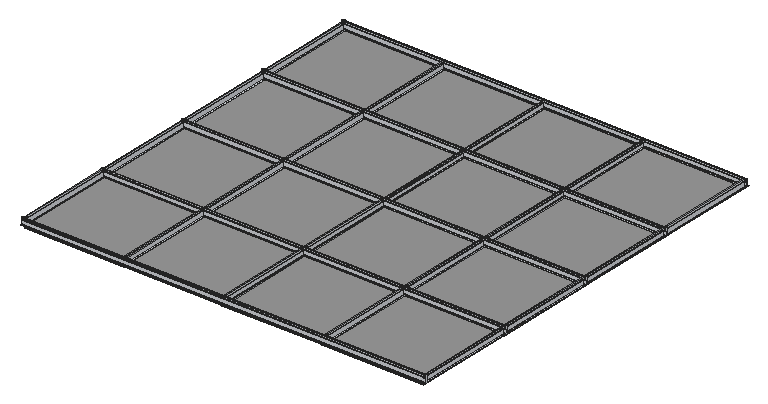
Revit family "GRD-TLE-001_RFA", category Modelos genéricos, Revit 2022 (continued)
Forms (in)
  Extrusion 248, solid, not visible
    sketch origin (0, 48, 0) x (1, 0, 0) y (0, 1, 0)
      loop
        line (24.34376, 0.56617) -> (24.34376, 24.31617) -> (0.59376, 24.31617) -> (0.59376, 0.56617) -> (24.34376, 0.56617)
    from 0.11811 to 0.59055
  Extrusion 249, solid, not visible
    sketch origin (0, 48, 0) x (1, 0, 0) y (0, 1, 0)
      loop
        line (24.34376, 0.56617) -> (24.34376, 24.31617) -> (0.59376, 24.31617) -> (0.59376, 0.56617) -> (24.34376, 0.56617)
    from 0 to 0.11811
  Extrusion 250, solid, not visible
    sketch origin (24, 48, 0) x (1, 0, 0) y (0, 1, 0)
      loop
        line (24.34376, 0.56617) -> (24.34376, 24.31617) -> (0.59376, 24.31617) -> (0.59376, 0.56617) -> (24.34376, 0.56617)
    from 0.11811 to 0.59055
  Extrusion 251, solid, not visible
    sketch origin (24, 48, 0) x (1, 0, 0) y (0, 1, 0)
      loop
        line (24.34376, 0.56617) -> (24.34376, 24.31617) -> (0.59376, 24.31617) -> (0.59376, 0.56617) -> (24.34376, 0.56617)
    from 0 to 0.11811
  Extrusion 252, solid, not visible
    sketch origin (48, 48, 0) x (1, 0, 0) y (0, 1, 0)
      loop
        line (24.34376, 0.56617) -> (24.34376, 24.31617) -> (0.59376, 24.31617) -> (0.59376, 0.56617) -> (24.34376, 0.56617)
    from 0.11811 to 0.59055
  Extrusion 253, solid, not visible
    sketch origin (48, 48, 0) x (1, 0, 0) y (0, 1, 0)
      loop
        line (24.34376, 0.56617) -> (24.34376, 24.31617) -> (0.59376, 24.31617) -> (0.59376, 0.56617) -> (24.34376, 0.56617)
    from 0 to 0.11811
  Extrusion 254, solid, not visible
    sketch origin (72, 48, 0) x (1, 0, 0) y (0, 1, 0)
      loop
        line (24.34376, 0.56617) -> (24.34376, 24.31617) -> (0.59376, 24.31617) -> (0.59376, 0.56617) -> (24.34376, 0.56617)
    from 0.11811 to 0.59055
  Extrusion 255, solid, not visible
    sketch origin (72, 48, 0) x (1, 0, 0) y (0, 1, 0)
      loop
        line (24.34376, 0.56617) -> (24.34376, 24.31617) -> (0.59376, 24.31617) -> (0.59376, 0.56617) -> (24.34376, 0.56617)
    from 0 to 0.11811
  Extrusion 256, solid, not visible
    sketch origin (0, 72, 0) x (1, 0, 0) y (0, 1, 0)
      loop
        line (24.34376, 0.56617) -> (24.34376, 24.31617) -> (0.59376, 24.31617) -> (0.59376, 0.56617) -> (24.34376, 0.56617)
    from 0.11811 to 0.59055
  Extrusion 257, solid, not visible
    sketch origin (0, 72, 0) x (1, 0, 0) y (0, 1, 0)
      loop
        line (24.34376, 0.56617) -> (24.34376, 24.31617) -> (0.59376, 24.31617) -> (0.59376, 0.56617) -> (24.34376, 0.56617)
    from 0 to 0.11811
  Extrusion 258, solid, not visible
    sketch origin (24, 72, 0) x (1, 0, 0) y (0, 1, 0)
      loop
        line (24.34376, 0.56617) -> (24.34376, 24.31617) -> (0.59376, 24.31617) -> (0.59376, 0.56617) -> (24.34376, 0.56617)
    from 0.11811 to 0.59055
  Extrusion 259, solid, not visible
    sketch origin (24, 72, 0) x (1, 0, 0) y (0, 1, 0)
      loop
        line (24.34376, 0.56617) -> (24.34376, 24.31617) -> (0.59376, 24.31617) -> (0.59376, 0.56617) -> (24.34376, 0.56617)
    from 0 to 0.11811
  Extrusion 260, solid, not visible
    sketch origin (48, 72, 0) x (1, 0, 0) y (0, 1, 0)
      loop
        line (24.34376, 0.56617) -> (24.34376, 24.31617) -> (0.59376, 24.31617) -> (0.59376, 0.56617) -> (24.34376, 0.56617)
    from 0.11811 to 0.59055
  Extrusion 261, solid, not visible
    sketch origin (48, 72, 0) x (1, 0, 0) y (0, 1, 0)
      loop
        line (24.34376, 0.56617) -> (24.34376, 24.31617) -> (0.59376, 24.31617) -> (0.59376, 0.56617) -> (24.34376, 0.56617)
    from 0 to 0.11811
  Extrusion 262, solid, not visible
    sketch origin (72, 72, 0) x (1, 0, 0) y (0, 1, 0)
      loop
        line (24.34376, 0.56617) -> (24.34376, 24.31617) -> (0.59376, 24.31617) -> (0.59376, 0.56617) -> (24.34376, 0.56617)
    from 0.11811 to 0.59055
  Extrusion 263, solid, not visible
    sketch origin (72, 72, 0) x (1, 0, 0) y (0, 1, 0)
      loop
        line (24.34376, 0.56617) -> (24.34376, 24.31617) -> (0.59376, 24.31617) -> (0.59376, 0.56617) -> (24.34376, 0.56617)
    from 0 to 0.11811
  Extrusion 264, solid, not visible
    sketch origin (0, 0, 0) x (0, 1, 0) y (0, 0, 1)
      loop
        line (0.42221, 1.66259) -> (0.42231, 0.67354)
        arc (0.42231, 0.67354) -> (0.41009, 0.64403) -> (0.38057, 0.6318) r 0.04174
        line (0.38057, 0.6318) -> (-0.00639, 0.6318) -> (-0.00639, 0.59057) -> (0.8874, 0.59057) -> (0.8874, 0.6318) -> (0.49998, 0.6318)
        arc (0.49998, 0.6318) -> (0.47046, 0.64403) -> (0.45824, 0.67354) r 0.04174
        line (0.45824, 0.67354) -> (0.45834, 1.66259)
        arc (0.45834, 1.66259) -> (0.46543, 1.67969) -> (0.48252, 1.68677) r 0.02418
        line (0.48252, 1.68677) -> (0.52252, 1.68677)
        arc (0.52252, 1.68677) -> (0.55303, 1.69941) -> (0.56566, 1.72991) r 0.04314
        line (0.56566, 1.72991) -> (0.56566, 2.14095)
        arc (0.56566, 2.14095) -> (0.5626, 2.15637) -> (0.55386, 2.16944) r 0.04029
        line (0.55386, 2.16944) -> (0.47053, 2.25277)
        arc (0.47053, 2.25277) -> (0.44027, 2.2653) -> (0.41002, 2.25277) r 0.04279
        line (0.41002, 2.25277) -> (0.32669, 2.16944)
        arc (0.32669, 2.16944) -> (0.31795, 2.15637) -> (0.31489, 2.14095) r 0.04029
        line (0.31489, 2.14095) -> (0.31489, 1.72991)
        arc (0.31489, 1.72991) -> (0.32752, 1.69941) -> (0.35803, 1.68677) r 0.04314
        line (0.35803, 1.68677) -> (0.39803, 1.68677)
        arc (0.39803, 1.68677) -> (0.41512, 1.67969) -> (0.42221, 1.66259) r 0.02418
      loop
        arc (0.33294, 1.7291) -> (0.34005, 1.71194) -> (0.35722, 1.70483) r 0.02428
        line (0.35722, 1.70483) -> (0.39815, 1.70483)
        arc (0.39815, 1.70483) -> (0.42797, 1.69248) -> (0.44023, 1.66266) r 0.04217
        arc (0.44023, 1.66266) -> (0.45258, 1.69248) -> (0.4824, 1.70483) r 0.04217
        line (0.4824, 1.70483) -> (0.52333, 1.70483)
        arc (0.52333, 1.70483) -> (0.54049, 1.71194) -> (0.54761, 1.7291) r 0.02428
        line (0.54761, 1.7291) -> (0.54761, 2.15016) -> (0.45704, 2.24072)
        arc (0.45704, 2.24072) -> (0.44027, 2.24767) -> (0.42351, 2.24072) r 0.02371
        line (0.42351, 2.24072) -> (0.33294, 2.15016) -> (0.33294, 1.7291)
    from 0 to 96.9361
  Extrusion 265, solid, not visible
    sketch origin (0, 24, 0) x (0, 1, 0) y (0, 0, 1)
      loop
        line (0.42221, 1.66259) -> (0.42231, 0.67354)
        arc (0.42231, 0.67354) -> (0.41009, 0.64403) -> (0.38057, 0.6318) r 0.04174
        line (0.38057, 0.6318) -> (-0.00639, 0.6318) -> (-0.00639, 0.59057) -> (0.8874, 0.59057) -> (0.8874, 0.6318) -> (0.49998, 0.6318)
        arc (0.49998, 0.6318) -> (0.47046, 0.64403) -> (0.45824, 0.67354) r 0.04174
        line (0.45824, 0.67354) -> (0.45834, 1.66259)
        arc (0.45834, 1.66259) -> (0.46543, 1.67969) -> (0.48252, 1.68677) r 0.02418
        line (0.48252, 1.68677) -> (0.52252, 1.68677)
        arc (0.52252, 1.68677) -> (0.55303, 1.69941) -> (0.56566, 1.72991) r 0.04314
        line (0.56566, 1.72991) -> (0.56566, 2.14095)
        arc (0.56566, 2.14095) -> (0.5626, 2.15637) -> (0.55386, 2.16944) r 0.04029
        line (0.55386, 2.16944) -> (0.47053, 2.25277)
        arc (0.47053, 2.25277) -> (0.44027, 2.2653) -> (0.41002, 2.25277) r 0.04279
        line (0.41002, 2.25277) -> (0.32669, 2.16944)
        arc (0.32669, 2.16944) -> (0.31795, 2.15637) -> (0.31489, 2.14095) r 0.04029
        line (0.31489, 2.14095) -> (0.31489, 1.72991)
        arc (0.31489, 1.72991) -> (0.32752, 1.69941) -> (0.35803, 1.68677) r 0.04314
        line (0.35803, 1.68677) -> (0.39803, 1.68677)
        arc (0.39803, 1.68677) -> (0.41512, 1.67969) -> (0.42221, 1.66259) r 0.02418
      loop
        arc (0.33294, 1.7291) -> (0.34005, 1.71194) -> (0.35722, 1.70483) r 0.02428
        line (0.35722, 1.70483) -> (0.39815, 1.70483)
        arc (0.39815, 1.70483) -> (0.42797, 1.69248) -> (0.44023, 1.66266) r 0.04217
        arc (0.44023, 1.66266) -> (0.45258, 1.69248) -> (0.4824, 1.70483) r 0.04217
        line (0.4824, 1.70483) -> (0.52333, 1.70483)
        arc (0.52333, 1.70483) -> (0.54049, 1.71194) -> (0.54761, 1.7291) r 0.02428
        line (0.54761, 1.7291) -> (0.54761, 2.15016) -> (0.45704, 2.24072)
        arc (0.45704, 2.24072) -> (0.44027, 2.24767) -> (0.42351, 2.24072) r 0.02371
        line (0.42351, 2.24072) -> (0.33294, 2.15016) -> (0.33294, 1.7291)
    from 0 to 96.9361
  Extrusion 266, solid, not visible
    sketch origin (0, 48, 0) x (0, 1, 0) y (0, 0, 1)
      loop
        line (0.42221, 1.66259) -> (0.42231, 0.67354)
        arc (0.42231, 0.67354) -> (0.41009, 0.64403) -> (0.38057, 0.6318) r 0.04174
        line (0.38057, 0.6318) -> (-0.00639, 0.6318) -> (-0.00639, 0.59057) -> (0.8874, 0.59057) -> (0.8874, 0.6318) -> (0.49998, 0.6318)
        arc (0.49998, 0.6318) -> (0.47046, 0.64403) -> (0.45824, 0.67354) r 0.04174
        line (0.45824, 0.67354) -> (0.45834, 1.66259)
        arc (0.45834, 1.66259) -> (0.46543, 1.67969) -> (0.48252, 1.68677) r 0.02418
        line (0.48252, 1.68677) -> (0.52252, 1.68677)
        arc (0.52252, 1.68677) -> (0.55303, 1.69941) -> (0.56566, 1.72991) r 0.04314
        line (0.56566, 1.72991) -> (0.56566, 2.14095)
        arc (0.56566, 2.14095) -> (0.5626, 2.15637) -> (0.55386, 2.16944) r 0.04029
        line (0.55386, 2.16944) -> (0.47053, 2.25277)
        arc (0.47053, 2.25277) -> (0.44027, 2.2653) -> (0.41002, 2.25277) r 0.04279
        line (0.41002, 2.25277) -> (0.32669, 2.16944)
        arc (0.32669, 2.16944) -> (0.31795, 2.15637) -> (0.31489, 2.14095) r 0.04029
        line (0.31489, 2.14095) -> (0.31489, 1.72991)
        arc (0.31489, 1.72991) -> (0.32752, 1.69941) -> (0.35803, 1.68677) r 0.04314
        line (0.35803, 1.68677) -> (0.39803, 1.68677)
        arc (0.39803, 1.68677) -> (0.41512, 1.67969) -> (0.42221, 1.66259) r 0.02418
      loop
        arc (0.33294, 1.7291) -> (0.34005, 1.71194) -> (0.35722, 1.70483) r 0.02428
        line (0.35722, 1.70483) -> (0.39815, 1.70483)
        arc (0.39815, 1.70483) -> (0.42797, 1.69248) -> (0.44023, 1.66266) r 0.04217
        arc (0.44023, 1.66266) -> (0.45258, 1.69248) -> (0.4824, 1.70483) r 0.04217
        line (0.4824, 1.70483) -> (0.52333, 1.70483)
        arc (0.52333, 1.70483) -> (0.54049, 1.71194) -> (0.54761, 1.7291) r 0.02428
        line (0.54761, 1.7291) -> (0.54761, 2.15016) -> (0.45704, 2.24072)
        arc (0.45704, 2.24072) -> (0.44027, 2.24767) -> (0.42351, 2.24072) r 0.02371
        line (0.42351, 2.24072) -> (0.33294, 2.15016) -> (0.33294, 1.7291)
    from 0 to 96.9361
  Extrusion 267, solid, not visible
    sketch origin (0, 72, 0) x (0, 1, 0) y (0, 0, 1)
      loop
        line (0.42221, 1.66259) -> (0.42231, 0.67354)
        arc (0.42231, 0.67354) -> (0.41009, 0.64403) -> (0.38057, 0.6318) r 0.04174
        line (0.38057, 0.6318) -> (-0.00639, 0.6318) -> (-0.00639, 0.59057) -> (0.8874, 0.59057) -> (0.8874, 0.6318) -> (0.49998, 0.6318)
        arc (0.49998, 0.6318) -> (0.47046, 0.64403) -> (0.45824, 0.67354) r 0.04174
        line (0.45824, 0.67354) -> (0.45834, 1.66259)
        arc (0.45834, 1.66259) -> (0.46543, 1.67969) -> (0.48252, 1.68677) r 0.02418
        line (0.48252, 1.68677) -> (0.52252, 1.68677)
        arc (0.52252, 1.68677) -> (0.55303, 1.69941) -> (0.56566, 1.72991) r 0.04314
        line (0.56566, 1.72991) -> (0.56566, 2.14095)
        arc (0.56566, 2.14095) -> (0.5626, 2.15637) -> (0.55386, 2.16944) r 0.04029
        line (0.55386, 2.16944) -> (0.47053, 2.25277)
        arc (0.47053, 2.25277) -> (0.44027, 2.2653) -> (0.41002, 2.25277) r 0.04279
        line (0.41002, 2.25277) -> (0.32669, 2.16944)
        arc (0.32669, 2.16944) -> (0.31795, 2.15637) -> (0.31489, 2.14095) r 0.04029
        line (0.31489, 2.14095) -> (0.31489, 1.72991)
        arc (0.31489, 1.72991) -> (0.32752, 1.69941) -> (0.35803, 1.68677) r 0.04314
        line (0.35803, 1.68677) -> (0.39803, 1.68677)
        arc (0.39803, 1.68677) -> (0.41512, 1.67969) -> (0.42221, 1.66259) r 0.02418
      loop
        arc (0.33294, 1.7291) -> (0.34005, 1.71194) -> (0.35722, 1.70483) r 0.02428
        line (0.35722, 1.70483) -> (0.39815, 1.70483)
        arc (0.39815, 1.70483) -> (0.42797, 1.69248) -> (0.44023, 1.66266) r 0.04217
        arc (0.44023, 1.66266) -> (0.45258, 1.69248) -> (0.4824, 1.70483) r 0.04217
        line (0.4824, 1.70483) -> (0.52333, 1.70483)
        arc (0.52333, 1.70483) -> (0.54049, 1.71194) -> (0.54761, 1.7291) r 0.02428
        line (0.54761, 1.7291) -> (0.54761, 2.15016) -> (0.45704, 2.24072)
        arc (0.45704, 2.24072) -> (0.44027, 2.24767) -> (0.42351, 2.24072) r 0.02371
        line (0.42351, 2.24072) -> (0.33294, 2.15016) -> (0.33294, 1.7291)
    from 0 to 96.9361
  Extrusion 268, solid, not visible
    sketch origin (0, 96, 0) x (0, 1, 0) y (0, 0, 1)
      loop
        line (0.42221, 1.66259) -> (0.42231, 0.67354)
        arc (0.42231, 0.67354) -> (0.41009, 0.64403) -> (0.38057, 0.6318) r 0.04174
        line (0.38057, 0.6318) -> (-0.00639, 0.6318) -> (-0.00639, 0.59057) -> (0.8874, 0.59057) -> (0.8874, 0.6318) -> (0.49998, 0.6318)
        arc (0.49998, 0.6318) -> (0.47046, 0.64403) -> (0.45824, 0.67354) r 0.04174
        line (0.45824, 0.67354) -> (0.45834, 1.66259)
        arc (0.45834, 1.66259) -> (0.46543, 1.67969) -> (0.48252, 1.68677) r 0.02418
        line (0.48252, 1.68677) -> (0.52252, 1.68677)
        arc (0.52252, 1.68677) -> (0.55303, 1.69941) -> (0.56566, 1.72991) r 0.04314
        line (0.56566, 1.72991) -> (0.56566, 2.14095)
        arc (0.56566, 2.14095) -> (0.5626, 2.15637) -> (0.55386, 2.16944) r 0.04029
        line (0.55386, 2.16944) -> (0.47053, 2.25277)
        arc (0.47053, 2.25277) -> (0.44027, 2.2653) -> (0.41002, 2.25277) r 0.04279
        line (0.41002, 2.25277) -> (0.32669, 2.16944)
        arc (0.32669, 2.16944) -> (0.31795, 2.15637) -> (0.31489, 2.14095) r 0.04029
        line (0.31489, 2.14095) -> (0.31489, 1.72991)
        arc (0.31489, 1.72991) -> (0.32752, 1.69941) -> (0.35803, 1.68677) r 0.04314
        line (0.35803, 1.68677) -> (0.39803, 1.68677)
        arc (0.39803, 1.68677) -> (0.41512, 1.67969) -> (0.42221, 1.66259) r 0.02418
      loop
        arc (0.33294, 1.7291) -> (0.34005, 1.71194) -> (0.35722, 1.70483) r 0.02428
        line (0.35722, 1.70483) -> (0.39815, 1.70483)
        arc (0.39815, 1.70483) -> (0.42797, 1.69248) -> (0.44023, 1.66266) r 0.04217
        arc (0.44023, 1.66266) -> (0.45258, 1.69248) -> (0.4824, 1.70483) r 0.04217
        line (0.4824, 1.70483) -> (0.52333, 1.70483)
        arc (0.52333, 1.70483) -> (0.54049, 1.71194) -> (0.54761, 1.7291) r 0.02428
        line (0.54761, 1.7291) -> (0.54761, 2.15016) -> (0.45704, 2.24072)
        arc (0.45704, 2.24072) -> (0.44027, 2.24767) -> (0.42351, 2.24072) r 0.02371
        line (0.42351, 2.24072) -> (0.33294, 2.15016) -> (0.33294, 1.7291)
    from 0 to 96.9361
  Extrusion 269, solid, not visible
    sketch origin (48.02754, 154.90856, 0) x (1, 0, 0) y (0, 0, 1)
      loop
        line (0.42221, 1.66259) -> (0.42231, 0.67354)
        arc (0.42231, 0.67354) -> (0.41009, 0.64403) -> (0.38057, 0.6318) r 0.04174
        line (0.38057, 0.6318) -> (-0.00639, 0.6318) -> (-0.00639, 0.59057) -> (0.8874, 0.59057) -> (0.8874, 0.6318) -> (0.49998, 0.6318)
        arc (0.49998, 0.6318) -> (0.47046, 0.64403) -> (0.45824, 0.67354) r 0.04174
        line (0.45824, 0.67354) -> (0.45834, 1.66259)
        arc (0.45834, 1.66259) -> (0.46543, 1.67969) -> (0.48252, 1.68677) r 0.02418
        line (0.48252, 1.68677) -> (0.52252, 1.68677)
        arc (0.52252, 1.68677) -> (0.55303, 1.69941) -> (0.56566, 1.72991) r 0.04314
        line (0.56566, 1.72991) -> (0.56566, 2.14095)
        arc (0.56566, 2.14095) -> (0.5626, 2.15637) -> (0.55386, 2.16944) r 0.04029
        line (0.55386, 2.16944) -> (0.47053, 2.25277)
        arc (0.47053, 2.25277) -> (0.44027, 2.2653) -> (0.41002, 2.25277) r 0.04279
        line (0.41002, 2.25277) -> (0.32669, 2.16944)
        arc (0.32669, 2.16944) -> (0.31795, 2.15637) -> (0.31489, 2.14095) r 0.04029
        line (0.31489, 2.14095) -> (0.31489, 1.72991)
        arc (0.31489, 1.72991) -> (0.32752, 1.69941) -> (0.35803, 1.68677) r 0.04314
        line (0.35803, 1.68677) -> (0.39803, 1.68677)
        arc (0.39803, 1.68677) -> (0.41512, 1.67969) -> (0.42221, 1.66259) r 0.02418
      loop
        arc (0.33294, 1.7291) -> (0.34005, 1.71194) -> (0.35722, 1.70483) r 0.02428
        line (0.35722, 1.70483) -> (0.39815, 1.70483)
        arc (0.39815, 1.70483) -> (0.42797, 1.69248) -> (0.44023, 1.66266) r 0.04217
        arc (0.44023, 1.66266) -> (0.45258, 1.69248) -> (0.4824, 1.70483) r 0.04217
        line (0.4824, 1.70483) -> (0.52333, 1.70483)
        arc (0.52333, 1.70483) -> (0.54049, 1.71194) -> (0.54761, 1.7291) r 0.02428
        line (0.54761, 1.7291) -> (0.54761, 2.15016) -> (0.45704, 2.24072)
        arc (0.45704, 2.24072) -> (0.44027, 2.24767) -> (0.42351, 2.24072) r 0.02371
        line (0.42351, 2.24072) -> (0.33294, 2.15016) -> (0.33294, 1.7291)
    from 58.93614 to 81.99864
  Extrusion 270, solid, not visible
    sketch origin (72.02767, 154.90856, 0) x (1, 0, 0) y (0, 0, 1)
      loop
        line (0.42221, 1.66259) -> (0.42231, 0.67354)
        arc (0.42231, 0.67354) -> (0.41009, 0.64403) -> (0.38057, 0.6318) r 0.04174
        line (0.38057, 0.6318) -> (-0.00639, 0.6318) -> (-0.00639, 0.59057) -> (0.8874, 0.59057) -> (0.8874, 0.6318) -> (0.49998, 0.6318)
        arc (0.49998, 0.6318) -> (0.47046, 0.64403) -> (0.45824, 0.67354) r 0.04174
        line (0.45824, 0.67354) -> (0.45834, 1.66259)
        arc (0.45834, 1.66259) -> (0.46543, 1.67969) -> (0.48252, 1.68677) r 0.02418
        line (0.48252, 1.68677) -> (0.52252, 1.68677)
        arc (0.52252, 1.68677) -> (0.55303, 1.69941) -> (0.56566, 1.72991) r 0.04314
        line (0.56566, 1.72991) -> (0.56566, 2.14095)
        arc (0.56566, 2.14095) -> (0.5626, 2.15637) -> (0.55386, 2.16944) r 0.04029
        line (0.55386, 2.16944) -> (0.47053, 2.25277)
        arc (0.47053, 2.25277) -> (0.44027, 2.2653) -> (0.41002, 2.25277) r 0.04279
        line (0.41002, 2.25277) -> (0.32669, 2.16944)
        arc (0.32669, 2.16944) -> (0.31795, 2.15637) -> (0.31489, 2.14095) r 0.04029
        line (0.31489, 2.14095) -> (0.31489, 1.72991)
        arc (0.31489, 1.72991) -> (0.32752, 1.69941) -> (0.35803, 1.68677) r 0.04314
        line (0.35803, 1.68677) -> (0.39803, 1.68677)
        arc (0.39803, 1.68677) -> (0.41512, 1.67969) -> (0.42221, 1.66259) r 0.02418
      loop
        arc (0.33294, 1.7291) -> (0.34005, 1.71194) -> (0.35722, 1.70483) r 0.02428
        line (0.35722, 1.70483) -> (0.39815, 1.70483)
        arc (0.39815, 1.70483) -> (0.42797, 1.69248) -> (0.44023, 1.66266) r 0.04217
        arc (0.44023, 1.66266) -> (0.45258, 1.69248) -> (0.4824, 1.70483) r 0.04217
        line (0.4824, 1.70483) -> (0.52333, 1.70483)
        arc (0.52333, 1.70483) -> (0.54049, 1.71194) -> (0.54761, 1.7291) r 0.02428
        line (0.54761, 1.7291) -> (0.54761, 2.15016) -> (0.45704, 2.24072)
        arc (0.45704, 2.24072) -> (0.44027, 2.24767) -> (0.42351, 2.24072) r 0.02371
        line (0.42351, 2.24072) -> (0.33294, 2.15016) -> (0.33294, 1.7291)
    from 58.93614 to 81.99864
  Extrusion 271, solid, not visible
    sketch origin (96.02767, 154.90856, 0) x (1, 0, 0) y (0, 0, 1)
      loop
        line (0.42221, 1.66259) -> (0.42231, 0.67354)
        arc (0.42231, 0.67354) -> (0.41009, 0.64403) -> (0.38057, 0.6318) r 0.04174
        line (0.38057, 0.6318) -> (-0.00639, 0.6318) -> (-0.00639, 0.59057) -> (0.8874, 0.59057) -> (0.8874, 0.6318) -> (0.49998, 0.6318)
        arc (0.49998, 0.6318) -> (0.47046, 0.64403) -> (0.45824, 0.67354) r 0.04174
        line (0.45824, 0.67354) -> (0.45834, 1.66259)
        arc (0.45834, 1.66259) -> (0.46543, 1.67969) -> (0.48252, 1.68677) r 0.02418
        line (0.48252, 1.68677) -> (0.52252, 1.68677)
        arc (0.52252, 1.68677) -> (0.55303, 1.69941) -> (0.56566, 1.72991) r 0.04314
        line (0.56566, 1.72991) -> (0.56566, 2.14095)
        arc (0.56566, 2.14095) -> (0.5626, 2.15637) -> (0.55386, 2.16944) r 0.04029
        line (0.55386, 2.16944) -> (0.47053, 2.25277)
        arc (0.47053, 2.25277) -> (0.44027, 2.2653) -> (0.41002, 2.25277) r 0.04279
        line (0.41002, 2.25277) -> (0.32669, 2.16944)
        arc (0.32669, 2.16944) -> (0.31795, 2.15637) -> (0.31489, 2.14095) r 0.04029
        line (0.31489, 2.14095) -> (0.31489, 1.72991)
        arc (0.31489, 1.72991) -> (0.32752, 1.69941) -> (0.35803, 1.68677) r 0.04314
        line (0.35803, 1.68677) -> (0.39803, 1.68677)
        arc (0.39803, 1.68677) -> (0.41512, 1.67969) -> (0.42221, 1.66259) r 0.02418
      loop
        arc (0.33294, 1.7291) -> (0.34005, 1.71194) -> (0.35722, 1.70483) r 0.02428
        line (0.35722, 1.70483) -> (0.39815, 1.70483)
        arc (0.39815, 1.70483) -> (0.42797, 1.69248) -> (0.44023, 1.66266) r 0.04217
        arc (0.44023, 1.66266) -> (0.45258, 1.69248) -> (0.4824, 1.70483) r 0.04217
        line (0.4824, 1.70483) -> (0.52333, 1.70483)
        arc (0.52333, 1.70483) -> (0.54049, 1.71194) -> (0.54761, 1.7291) r 0.02428
        line (0.54761, 1.7291) -> (0.54761, 2.15016) -> (0.45704, 2.24072)
        arc (0.45704, 2.24072) -> (0.44027, 2.24767) -> (0.42351, 2.24072) r 0.02371
        line (0.42351, 2.24072) -> (0.33294, 2.15016) -> (0.33294, 1.7291)
    from 58.93614 to 81.99864
  Extrusion 272, solid, not visible
    sketch origin (24.02767, 154.90856, 0) x (1, 0, 0) y (0, 0, 1)
      loop
        line (0.42221, 1.66259) -> (0.42231, 0.67354)
        arc (0.42231, 0.67354) -> (0.41009, 0.64403) -> (0.38057, 0.6318) r 0.04174
        line (0.38057, 0.6318) -> (-0.00639, 0.6318) -> (-0.00639, 0.59057) -> (0.8874, 0.59057) -> (0.8874, 0.6318) -> (0.49998, 0.6318)
        arc (0.49998, 0.6318) -> (0.47046, 0.64403) -> (0.45824, 0.67354) r 0.04174
        line (0.45824, 0.67354) -> (0.45834, 1.66259)
        arc (0.45834, 1.66259) -> (0.46543, 1.67969) -> (0.48252, 1.68677) r 0.02418
        line (0.48252, 1.68677) -> (0.52252, 1.68677)
        arc (0.52252, 1.68677) -> (0.55303, 1.69941) -> (0.56566, 1.72991) r 0.04314
        line (0.56566, 1.72991) -> (0.56566, 2.14095)
        arc (0.56566, 2.14095) -> (0.5626, 2.15637) -> (0.55386, 2.16944) r 0.04029
        line (0.55386, 2.16944) -> (0.47053, 2.25277)
        arc (0.47053, 2.25277) -> (0.44027, 2.2653) -> (0.41002, 2.25277) r 0.04279
        line (0.41002, 2.25277) -> (0.32669, 2.16944)
        arc (0.32669, 2.16944) -> (0.31795, 2.15637) -> (0.31489, 2.14095) r 0.04029
        line (0.31489, 2.14095) -> (0.31489, 1.72991)
        arc (0.31489, 1.72991) -> (0.32752, 1.69941) -> (0.35803, 1.68677) r 0.04314
        line (0.35803, 1.68677) -> (0.39803, 1.68677)
        arc (0.39803, 1.68677) -> (0.41512, 1.67969) -> (0.42221, 1.66259) r 0.02418
      loop
        arc (0.33294, 1.7291) -> (0.34005, 1.71194) -> (0.35722, 1.70483) r 0.02428
        line (0.35722, 1.70483) -> (0.39815, 1.70483)
        arc (0.39815, 1.70483) -> (0.42797, 1.69248) -> (0.44023, 1.66266) r 0.04217
        arc (0.44023, 1.66266) -> (0.45258, 1.69248) -> (0.4824, 1.70483) r 0.04217
        line (0.4824, 1.70483) -> (0.52333, 1.70483)
        arc (0.52333, 1.70483) -> (0.54049, 1.71194) -> (0.54761, 1.7291) r 0.02428
        line (0.54761, 1.7291) -> (0.54761, 2.15016) -> (0.45704, 2.24072)
        arc (0.45704, 2.24072) -> (0.44027, 2.24767) -> (0.42351, 2.24072) r 0.02371
        line (0.42351, 2.24072) -> (0.33294, 2.15016) -> (0.33294, 1.7291)
    from 58.93614 to 81.99864
  Extrusion 273, solid, not visible
    sketch origin (0.02767, 154.90856, 0) x (1, 0, 0) y (0, 0, 1)
      loop
        line (0.42221, 1.66259) -> (0.42231, 0.67354)
        arc (0.42231, 0.67354) -> (0.41009, 0.64403) -> (0.38057, 0.6318) r 0.04174
        line (0.38057, 0.6318) -> (-0.00639, 0.6318) -> (-0.00639, 0.59057) -> (0.8874, 0.59057) -> (0.8874, 0.6318) -> (0.49998, 0.6318)
        arc (0.49998, 0.6318) -> (0.47046, 0.64403) -> (0.45824, 0.67354) r 0.04174
        line (0.45824, 0.67354) -> (0.45834, 1.66259)
        arc (0.45834, 1.66259) -> (0.46543, 1.67969) -> (0.48252, 1.68677) r 0.02418
        line (0.48252, 1.68677) -> (0.52252, 1.68677)
        arc (0.52252, 1.68677) -> (0.55303, 1.69941) -> (0.56566, 1.72991) r 0.04314
        line (0.56566, 1.72991) -> (0.56566, 2.14095)
        arc (0.56566, 2.14095) -> (0.5626, 2.15637) -> (0.55386, 2.16944) r 0.04029
        line (0.55386, 2.16944) -> (0.47053, 2.25277)
        arc (0.47053, 2.25277) -> (0.44027, 2.2653) -> (0.41002, 2.25277) r 0.04279
        line (0.41002, 2.25277) -> (0.32669, 2.16944)
        arc (0.32669, 2.16944) -> (0.31795, 2.15637) -> (0.31489, 2.14095) r 0.04029
        line (0.31489, 2.14095) -> (0.31489, 1.72991)
        arc (0.31489, 1.72991) -> (0.32752, 1.69941) -> (0.35803, 1.68677) r 0.04314
        line (0.35803, 1.68677) -> (0.39803, 1.68677)
        arc (0.39803, 1.68677) -> (0.41512, 1.67969) -> (0.42221, 1.66259) r 0.02418
      loop
        arc (0.33294, 1.7291) -> (0.34005, 1.71194) -> (0.35722, 1.70483) r 0.02428
        line (0.35722, 1.70483) -> (0.39815, 1.70483)
        arc (0.39815, 1.70483) -> (0.42797, 1.69248) -> (0.44023, 1.66266) r 0.04217
        arc (0.44023, 1.66266) -> (0.45258, 1.69248) -> (0.4824, 1.70483) r 0.04217
        line (0.4824, 1.70483) -> (0.52333, 1.70483)
        arc (0.52333, 1.70483) -> (0.54049, 1.71194) -> (0.54761, 1.7291) r 0.02428
        line (0.54761, 1.7291) -> (0.54761, 2.15016) -> (0.45704, 2.24072)
        arc (0.45704, 2.24072) -> (0.44027, 2.24767) -> (0.42351, 2.24072) r 0.02371
        line (0.42351, 2.24072) -> (0.33294, 2.15016) -> (0.33294, 1.7291)
    from 58.93614 to 81.99864
  Extrusion 274, solid, not visible
    sketch origin (48.02754, 130.90855, 0) x (1, 0, 0) y (0, 0, 1)
      loop
        line (0.42221, 1.66259) -> (0.42231, 0.67354)
        arc (0.42231, 0.67354) -> (0.41009, 0.64403) -> (0.38057, 0.6318) r 0.04174
        line (0.38057, 0.6318) -> (-0.00639, 0.6318) -> (-0.00639, 0.59057) -> (0.8874, 0.59057) -> (0.8874, 0.6318) -> (0.49998, 0.6318)
        arc (0.49998, 0.6318) -> (0.47046, 0.64403) -> (0.45824, 0.67354) r 0.04174
        line (0.45824, 0.67354) -> (0.45834, 1.66259)
        arc (0.45834, 1.66259) -> (0.46543, 1.67969) -> (0.48252, 1.68677) r 0.02418
        line (0.48252, 1.68677) -> (0.52252, 1.68677)
        arc (0.52252, 1.68677) -> (0.55303, 1.69941) -> (0.56566, 1.72991) r 0.04314
        line (0.56566, 1.72991) -> (0.56566, 2.14095)
        arc (0.56566, 2.14095) -> (0.5626, 2.15637) -> (0.55386, 2.16944) r 0.04029
        line (0.55386, 2.16944) -> (0.47053, 2.25277)
        arc (0.47053, 2.25277) -> (0.44027, 2.2653) -> (0.41002, 2.25277) r 0.04279
        line (0.41002, 2.25277) -> (0.32669, 2.16944)
        arc (0.32669, 2.16944) -> (0.31795, 2.15637) -> (0.31489, 2.14095) r 0.04029
        line (0.31489, 2.14095) -> (0.31489, 1.72991)
        arc (0.31489, 1.72991) -> (0.32752, 1.69941) -> (0.35803, 1.68677) r 0.04314
        line (0.35803, 1.68677) -> (0.39803, 1.68677)
        arc (0.39803, 1.68677) -> (0.41512, 1.67969) -> (0.42221, 1.66259) r 0.02418
      loop
        arc (0.33294, 1.7291) -> (0.34005, 1.71194) -> (0.35722, 1.70483) r 0.02428
        line (0.35722, 1.70483) -> (0.39815, 1.70483)
        arc (0.39815, 1.70483) -> (0.42797, 1.69248) -> (0.44023, 1.66266) r 0.04217
        arc (0.44023, 1.66266) -> (0.45258, 1.69248) -> (0.4824, 1.70483) r 0.04217
        line (0.4824, 1.70483) -> (0.52333, 1.70483)
        arc (0.52333, 1.70483) -> (0.54049, 1.71194) -> (0.54761, 1.7291) r 0.02428
        line (0.54761, 1.7291) -> (0.54761, 2.15016) -> (0.45704, 2.24072)
        arc (0.45704, 2.24072) -> (0.44027, 2.24767) -> (0.42351, 2.24072) r 0.02371
        line (0.42351, 2.24072) -> (0.33294, 2.15016) -> (0.33294, 1.7291)
    from 58.93614 to 81.99864
  Extrusion 275, solid, not visible
    sketch origin (72.02767, 130.90855, 0) x (1, 0, 0) y (0, 0, 1)
      loop
        line (0.42221, 1.66259) -> (0.42231, 0.67354)
        arc (0.42231, 0.67354) -> (0.41009, 0.64403) -> (0.38057, 0.6318) r 0.04174
        line (0.38057, 0.6318) -> (-0.00639, 0.6318) -> (-0.00639, 0.59057) -> (0.8874, 0.59057) -> (0.8874, 0.6318) -> (0.49998, 0.6318)
        arc (0.49998, 0.6318) -> (0.47046, 0.64403) -> (0.45824, 0.67354) r 0.04174
        line (0.45824, 0.67354) -> (0.45834, 1.66259)
        arc (0.45834, 1.66259) -> (0.46543, 1.67969) -> (0.48252, 1.68677) r 0.02418
        line (0.48252, 1.68677) -> (0.52252, 1.68677)
        arc (0.52252, 1.68677) -> (0.55303, 1.69941) -> (0.56566, 1.72991) r 0.04314
        line (0.56566, 1.72991) -> (0.56566, 2.14095)
        arc (0.56566, 2.14095) -> (0.5626, 2.15637) -> (0.55386, 2.16944) r 0.04029
        line (0.55386, 2.16944) -> (0.47053, 2.25277)
        arc (0.47053, 2.25277) -> (0.44027, 2.2653) -> (0.41002, 2.25277) r 0.04279
        line (0.41002, 2.25277) -> (0.32669, 2.16944)
        arc (0.32669, 2.16944) -> (0.31795, 2.15637) -> (0.31489, 2.14095) r 0.04029
        line (0.31489, 2.14095) -> (0.31489, 1.72991)
        arc (0.31489, 1.72991) -> (0.32752, 1.69941) -> (0.35803, 1.68677) r 0.04314
        line (0.35803, 1.68677) -> (0.39803, 1.68677)
        arc (0.39803, 1.68677) -> (0.41512, 1.67969) -> (0.42221, 1.66259) r 0.02418
      loop
        arc (0.33294, 1.7291) -> (0.34005, 1.71194) -> (0.35722, 1.70483) r 0.02428
        line (0.35722, 1.70483) -> (0.39815, 1.70483)
        arc (0.39815, 1.70483) -> (0.42797, 1.69248) -> (0.44023, 1.66266) r 0.04217
        arc (0.44023, 1.66266) -> (0.45258, 1.69248) -> (0.4824, 1.70483) r 0.04217
        line (0.4824, 1.70483) -> (0.52333, 1.70483)
        arc (0.52333, 1.70483) -> (0.54049, 1.71194) -> (0.54761, 1.7291) r 0.02428
        line (0.54761, 1.7291) -> (0.54761, 2.15016) -> (0.45704, 2.24072)
        arc (0.45704, 2.24072) -> (0.44027, 2.24767) -> (0.42351, 2.24072) r 0.02371
        line (0.42351, 2.24072) -> (0.33294, 2.15016) -> (0.33294, 1.7291)
    from 58.93614 to 81.99864
  Extrusion 276, solid, not visible
    sketch origin (96.02767, 130.90855, 0) x (1, 0, 0) y (0, 0, 1)
      loop
        line (0.42221, 1.66259) -> (0.42231, 0.67354)
        arc (0.42231, 0.67354) -> (0.41009, 0.64403) -> (0.38057, 0.6318) r 0.04174
        line (0.38057, 0.6318) -> (-0.00639, 0.6318) -> (-0.00639, 0.59057) -> (0.8874, 0.59057) -> (0.8874, 0.6318) -> (0.49998, 0.6318)
        arc (0.49998, 0.6318) -> (0.47046, 0.64403) -> (0.45824, 0.67354) r 0.04174
        line (0.45824, 0.67354) -> (0.45834, 1.66259)
        arc (0.45834, 1.66259) -> (0.46543, 1.67969) -> (0.48252, 1.68677) r 0.02418
        line (0.48252, 1.68677) -> (0.52252, 1.68677)
        arc (0.52252, 1.68677) -> (0.55303, 1.69941) -> (0.56566, 1.72991) r 0.04314
        line (0.56566, 1.72991) -> (0.56566, 2.14095)
        arc (0.56566, 2.14095) -> (0.5626, 2.15637) -> (0.55386, 2.16944) r 0.04029
        line (0.55386, 2.16944) -> (0.47053, 2.25277)
        arc (0.47053, 2.25277) -> (0.44027, 2.2653) -> (0.41002, 2.25277) r 0.04279
        line (0.41002, 2.25277) -> (0.32669, 2.16944)
        arc (0.32669, 2.16944) -> (0.31795, 2.15637) -> (0.31489, 2.14095) r 0.04029
        line (0.31489, 2.14095) -> (0.31489, 1.72991)
        arc (0.31489, 1.72991) -> (0.32752, 1.69941) -> (0.35803, 1.68677) r 0.04314
        line (0.35803, 1.68677) -> (0.39803, 1.68677)
        arc (0.39803, 1.68677) -> (0.41512, 1.67969) -> (0.42221, 1.66259) r 0.02418
      loop
        arc (0.33294, 1.7291) -> (0.34005, 1.71194) -> (0.35722, 1.70483) r 0.02428
        line (0.35722, 1.70483) -> (0.39815, 1.70483)
        arc (0.39815, 1.70483) -> (0.42797, 1.69248) -> (0.44023, 1.66266) r 0.04217
        arc (0.44023, 1.66266) -> (0.45258, 1.69248) -> (0.4824, 1.70483) r 0.04217
        line (0.4824, 1.70483) -> (0.52333, 1.70483)
        arc (0.52333, 1.70483) -> (0.54049, 1.71194) -> (0.54761, 1.7291) r 0.02428
        line (0.54761, 1.7291) -> (0.54761, 2.15016) -> (0.45704, 2.24072)
        arc (0.45704, 2.24072) -> (0.44027, 2.24767) -> (0.42351, 2.24072) r 0.02371
        line (0.42351, 2.24072) -> (0.33294, 2.15016) -> (0.33294, 1.7291)
    from 58.93614 to 81.99864
  Extrusion 277, solid, not visible
    sketch origin (24.02767, 130.90855, 0) x (1, 0, 0) y (0, 0, 1)
      loop
        line (0.42221, 1.66259) -> (0.42231, 0.67354)
        arc (0.42231, 0.67354) -> (0.41009, 0.64403) -> (0.38057, 0.6318) r 0.04174
        line (0.38057, 0.6318) -> (-0.00639, 0.6318) -> (-0.00639, 0.59057) -> (0.8874, 0.59057) -> (0.8874, 0.6318) -> (0.49998, 0.6318)
        arc (0.49998, 0.6318) -> (0.47046, 0.64403) -> (0.45824, 0.67354) r 0.04174
        line (0.45824, 0.67354) -> (0.45834, 1.66259)
        arc (0.45834, 1.66259) -> (0.46543, 1.67969) -> (0.48252, 1.68677) r 0.02418
        line (0.48252, 1.68677) -> (0.52252, 1.68677)
        arc (0.52252, 1.68677) -> (0.55303, 1.69941) -> (0.56566, 1.72991) r 0.04314
        line (0.56566, 1.72991) -> (0.56566, 2.14095)
        arc (0.56566, 2.14095) -> (0.5626, 2.15637) -> (0.55386, 2.16944) r 0.04029
        line (0.55386, 2.16944) -> (0.47053, 2.25277)
        arc (0.47053, 2.25277) -> (0.44027, 2.2653) -> (0.41002, 2.25277) r 0.04279
        line (0.41002, 2.25277) -> (0.32669, 2.16944)
        arc (0.32669, 2.16944) -> (0.31795, 2.15637) -> (0.31489, 2.14095) r 0.04029
        line (0.31489, 2.14095) -> (0.31489, 1.72991)
        arc (0.31489, 1.72991) -> (0.32752, 1.69941) -> (0.35803, 1.68677) r 0.04314
        line (0.35803, 1.68677) -> (0.39803, 1.68677)
        arc (0.39803, 1.68677) -> (0.41512, 1.67969) -> (0.42221, 1.66259) r 0.02418
      loop
        arc (0.33294, 1.7291) -> (0.34005, 1.71194) -> (0.35722, 1.70483) r 0.02428
        line (0.35722, 1.70483) -> (0.39815, 1.70483)
        arc (0.39815, 1.70483) -> (0.42797, 1.69248) -> (0.44023, 1.66266) r 0.04217
        arc (0.44023, 1.66266) -> (0.45258, 1.69248) -> (0.4824, 1.70483) r 0.04217
        line (0.4824, 1.70483) -> (0.52333, 1.70483)
        arc (0.52333, 1.70483) -> (0.54049, 1.71194) -> (0.54761, 1.7291) r 0.02428
        line (0.54761, 1.7291) -> (0.54761, 2.15016) -> (0.45704, 2.24072)
        arc (0.45704, 2.24072) -> (0.44027, 2.24767) -> (0.42351, 2.24072) r 0.02371
        line (0.42351, 2.24072) -> (0.33294, 2.15016) -> (0.33294, 1.7291)
    from 58.93614 to 81.99864
  Extrusion 278, solid, not visible
    sketch origin (0.02767, 130.90855, 0) x (1, 0, 0) y (0, 0, 1)
      loop
        line (0.42221, 1.66259) -> (0.42231, 0.67354)
        arc (0.42231, 0.67354) -> (0.41009, 0.64403) -> (0.38057, 0.6318) r 0.04174
        line (0.38057, 0.6318) -> (-0.00639, 0.6318) -> (-0.00639, 0.59057) -> (0.8874, 0.59057) -> (0.8874, 0.6318) -> (0.49998, 0.6318)
        arc (0.49998, 0.6318) -> (0.47046, 0.64403) -> (0.45824, 0.67354) r 0.04174
        line (0.45824, 0.67354) -> (0.45834, 1.66259)
        arc (0.45834, 1.66259) -> (0.46543, 1.67969) -> (0.48252, 1.68677) r 0.02418
        line (0.48252, 1.68677) -> (0.52252, 1.68677)
        arc (0.52252, 1.68677) -> (0.55303, 1.69941) -> (0.56566, 1.72991) r 0.04314
        line (0.56566, 1.72991) -> (0.56566, 2.14095)
        arc (0.56566, 2.14095) -> (0.5626, 2.15637) -> (0.55386, 2.16944) r 0.04029
        line (0.55386, 2.16944) -> (0.47053, 2.25277)
        arc (0.47053, 2.25277) -> (0.44027, 2.2653) -> (0.41002, 2.25277) r 0.04279
        line (0.41002, 2.25277) -> (0.32669, 2.16944)
        arc (0.32669, 2.16944) -> (0.31795, 2.15637) -> (0.31489, 2.14095) r 0.04029
        line (0.31489, 2.14095) -> (0.31489, 1.72991)
        arc (0.31489, 1.72991) -> (0.32752, 1.69941) -> (0.35803, 1.68677) r 0.04314
        line (0.35803, 1.68677) -> (0.39803, 1.68677)
        arc (0.39803, 1.68677) -> (0.41512, 1.67969) -> (0.42221, 1.66259) r 0.02418
      loop
        arc (0.33294, 1.7291) -> (0.34005, 1.71194) -> (0.35722, 1.70483) r 0.02428
        line (0.35722, 1.70483) -> (0.39815, 1.70483)
        arc (0.39815, 1.70483) -> (0.42797, 1.69248) -> (0.44023, 1.66266) r 0.04217
        arc (0.44023, 1.66266) -> (0.45258, 1.69248) -> (0.4824, 1.70483) r 0.04217
        line (0.4824, 1.70483) -> (0.52333, 1.70483)
        arc (0.52333, 1.70483) -> (0.54049, 1.71194) -> (0.54761, 1.7291) r 0.02428
        line (0.54761, 1.7291) -> (0.54761, 2.15016) -> (0.45704, 2.24072)
        arc (0.45704, 2.24072) -> (0.44027, 2.24767) -> (0.42351, 2.24072) r 0.02371
        line (0.42351, 2.24072) -> (0.33294, 2.15016) -> (0.33294, 1.7291)
    from 58.93614 to 81.99864
  Extrusion 279, solid, not visible
    sketch origin (48.02754, 106.90856, 0) x (1, 0, 0) y (0, 0, 1)
      loop
        line (0.42221, 1.66259) -> (0.42231, 0.67354)
        arc (0.42231, 0.67354) -> (0.41009, 0.64403) -> (0.38057, 0.6318) r 0.04174
        line (0.38057, 0.6318) -> (-0.00639, 0.6318) -> (-0.00639, 0.59057) -> (0.8874, 0.59057) -> (0.8874, 0.6318) -> (0.49998, 0.6318)
        arc (0.49998, 0.6318) -> (0.47046, 0.64403) -> (0.45824, 0.67354) r 0.04174
        line (0.45824, 0.67354) -> (0.45834, 1.66259)
        arc (0.45834, 1.66259) -> (0.46543, 1.67969) -> (0.48252, 1.68677) r 0.02418
        line (0.48252, 1.68677) -> (0.52252, 1.68677)
        arc (0.52252, 1.68677) -> (0.55303, 1.69941) -> (0.56566, 1.72991) r 0.04314
        line (0.56566, 1.72991) -> (0.56566, 2.14095)
        arc (0.56566, 2.14095) -> (0.5626, 2.15637) -> (0.55386, 2.16944) r 0.04029
        line (0.55386, 2.16944) -> (0.47053, 2.25277)
        arc (0.47053, 2.25277) -> (0.44027, 2.2653) -> (0.41002, 2.25277) r 0.04279
        line (0.41002, 2.25277) -> (0.32669, 2.16944)
        arc (0.32669, 2.16944) -> (0.31795, 2.15637) -> (0.31489, 2.14095) r 0.04029
        line (0.31489, 2.14095) -> (0.31489, 1.72991)
        arc (0.31489, 1.72991) -> (0.32752, 1.69941) -> (0.35803, 1.68677) r 0.04314
        line (0.35803, 1.68677) -> (0.39803, 1.68677)
        arc (0.39803, 1.68677) -> (0.41512, 1.67969) -> (0.42221, 1.66259) r 0.02418
      loop
        arc (0.33294, 1.7291) -> (0.34005, 1.71194) -> (0.35722, 1.70483) r 0.02428
        line (0.35722, 1.70483) -> (0.39815, 1.70483)
        arc (0.39815, 1.70483) -> (0.42797, 1.69248) -> (0.44023, 1.66266) r 0.04217
        arc (0.44023, 1.66266) -> (0.45258, 1.69248) -> (0.4824, 1.70483) r 0.04217
        line (0.4824, 1.70483) -> (0.52333, 1.70483)
        arc (0.52333, 1.70483) -> (0.54049, 1.71194) -> (0.54761, 1.7291) r 0.02428
        line (0.54761, 1.7291) -> (0.54761, 2.15016) -> (0.45704, 2.24072)
        arc (0.45704, 2.24072) -> (0.44027, 2.24767) -> (0.42351, 2.24072) r 0.02371
        line (0.42351, 2.24072) -> (0.33294, 2.15016) -> (0.33294, 1.7291)
    from 58.93614 to 81.99864
  Extrusion 280, solid, not visible
    sketch origin (72.02767, 106.90856, 0) x (1, 0, 0) y (0, 0, 1)
      loop
        line (0.42221, 1.66259) -> (0.42231, 0.67354)
        arc (0.42231, 0.67354) -> (0.41009, 0.64403) -> (0.38057, 0.6318) r 0.04174
        line (0.38057, 0.6318) -> (-0.00639, 0.6318) -> (-0.00639, 0.59057) -> (0.8874, 0.59057) -> (0.8874, 0.6318) -> (0.49998, 0.6318)
        arc (0.49998, 0.6318) -> (0.47046, 0.64403) -> (0.45824, 0.67354) r 0.04174
        line (0.45824, 0.67354) -> (0.45834, 1.66259)
        arc (0.45834, 1.66259) -> (0.46543, 1.67969) -> (0.48252, 1.68677) r 0.02418
        line (0.48252, 1.68677) -> (0.52252, 1.68677)
        arc (0.52252, 1.68677) -> (0.55303, 1.69941) -> (0.56566, 1.72991) r 0.04314
        line (0.56566, 1.72991) -> (0.56566, 2.14095)
        arc (0.56566, 2.14095) -> (0.5626, 2.15637) -> (0.55386, 2.16944) r 0.04029
        line (0.55386, 2.16944) -> (0.47053, 2.25277)
        arc (0.47053, 2.25277) -> (0.44027, 2.2653) -> (0.41002, 2.25277) r 0.04279
        line (0.41002, 2.25277) -> (0.32669, 2.16944)
        arc (0.32669, 2.16944) -> (0.31795, 2.15637) -> (0.31489, 2.14095) r 0.04029
        line (0.31489, 2.14095) -> (0.31489, 1.72991)
        arc (0.31489, 1.72991) -> (0.32752, 1.69941) -> (0.35803, 1.68677) r 0.04314
        line (0.35803, 1.68677) -> (0.39803, 1.68677)
        arc (0.39803, 1.68677) -> (0.41512, 1.67969) -> (0.42221, 1.66259) r 0.02418
      loop
        arc (0.33294, 1.7291) -> (0.34005, 1.71194) -> (0.35722, 1.70483) r 0.02428
        line (0.35722, 1.70483) -> (0.39815, 1.70483)
        arc (0.39815, 1.70483) -> (0.42797, 1.69248) -> (0.44023, 1.66266) r 0.04217
        arc (0.44023, 1.66266) -> (0.45258, 1.69248) -> (0.4824, 1.70483) r 0.04217
        line (0.4824, 1.70483) -> (0.52333, 1.70483)
        arc (0.52333, 1.70483) -> (0.54049, 1.71194) -> (0.54761, 1.7291) r 0.02428
        line (0.54761, 1.7291) -> (0.54761, 2.15016) -> (0.45704, 2.24072)
        arc (0.45704, 2.24072) -> (0.44027, 2.24767) -> (0.42351, 2.24072) r 0.02371
        line (0.42351, 2.24072) -> (0.33294, 2.15016) -> (0.33294, 1.7291)
    from 58.93614 to 81.99864
  Extrusion 281, solid, not visible
    sketch origin (96.02767, 106.90856, 0) x (1, 0, 0) y (0, 0, 1)
      loop
        line (0.42221, 1.66259) -> (0.42231, 0.67354)
        arc (0.42231, 0.67354) -> (0.41009, 0.64403) -> (0.38057, 0.6318) r 0.04174
        line (0.38057, 0.6318) -> (-0.00639, 0.6318) -> (-0.00639, 0.59057) -> (0.8874, 0.59057) -> (0.8874, 0.6318) -> (0.49998, 0.6318)
        arc (0.49998, 0.6318) -> (0.47046, 0.64403) -> (0.45824, 0.67354) r 0.04174
        line (0.45824, 0.67354) -> (0.45834, 1.66259)
        arc (0.45834, 1.66259) -> (0.46543, 1.67969) -> (0.48252, 1.68677) r 0.02418
        line (0.48252, 1.68677) -> (0.52252, 1.68677)
        arc (0.52252, 1.68677) -> (0.55303, 1.69941) -> (0.56566, 1.72991) r 0.04314
        line (0.56566, 1.72991) -> (0.56566, 2.14095)
        arc (0.56566, 2.14095) -> (0.5626, 2.15637) -> (0.55386, 2.16944) r 0.04029
        line (0.55386, 2.16944) -> (0.47053, 2.25277)
        arc (0.47053, 2.25277) -> (0.44027, 2.2653) -> (0.41002, 2.25277) r 0.04279
        line (0.41002, 2.25277) -> (0.32669, 2.16944)
        arc (0.32669, 2.16944) -> (0.31795, 2.15637) -> (0.31489, 2.14095) r 0.04029
        line (0.31489, 2.14095) -> (0.31489, 1.72991)
        arc (0.31489, 1.72991) -> (0.32752, 1.69941) -> (0.35803, 1.68677) r 0.04314
        line (0.35803, 1.68677) -> (0.39803, 1.68677)
        arc (0.39803, 1.68677) -> (0.41512, 1.67969) -> (0.42221, 1.66259) r 0.02418
      loop
        arc (0.33294, 1.7291) -> (0.34005, 1.71194) -> (0.35722, 1.70483) r 0.02428
        line (0.35722, 1.70483) -> (0.39815, 1.70483)
        arc (0.39815, 1.70483) -> (0.42797, 1.69248) -> (0.44023, 1.66266) r 0.04217
        arc (0.44023, 1.66266) -> (0.45258, 1.69248) -> (0.4824, 1.70483) r 0.04217
        line (0.4824, 1.70483) -> (0.52333, 1.70483)
        arc (0.52333, 1.70483) -> (0.54049, 1.71194) -> (0.54761, 1.7291) r 0.02428
        line (0.54761, 1.7291) -> (0.54761, 2.15016) -> (0.45704, 2.24072)
        arc (0.45704, 2.24072) -> (0.44027, 2.24767) -> (0.42351, 2.24072) r 0.02371
        line (0.42351, 2.24072) -> (0.33294, 2.15016) -> (0.33294, 1.7291)
    from 58.93614 to 81.99864
  Extrusion 282, solid, not visible
    sketch origin (24.02767, 106.90856, 0) x (1, 0, 0) y (0, 0, 1)
      loop
        line (0.42221, 1.66259) -> (0.42231, 0.67354)
        arc (0.42231, 0.67354) -> (0.41009, 0.64403) -> (0.38057, 0.6318) r 0.04174
        line (0.38057, 0.6318) -> (-0.00639, 0.6318) -> (-0.00639, 0.59057) -> (0.8874, 0.59057) -> (0.8874, 0.6318) -> (0.49998, 0.6318)
        arc (0.49998, 0.6318) -> (0.47046, 0.64403) -> (0.45824, 0.67354) r 0.04174
        line (0.45824, 0.67354) -> (0.45834, 1.66259)
        arc (0.45834, 1.66259) -> (0.46543, 1.67969) -> (0.48252, 1.68677) r 0.02418
        line (0.48252, 1.68677) -> (0.52252, 1.68677)
        arc (0.52252, 1.68677) -> (0.55303, 1.69941) -> (0.56566, 1.72991) r 0.04314
        line (0.56566, 1.72991) -> (0.56566, 2.14095)
        arc (0.56566, 2.14095) -> (0.5626, 2.15637) -> (0.55386, 2.16944) r 0.04029
        line (0.55386, 2.16944) -> (0.47053, 2.25277)
        arc (0.47053, 2.25277) -> (0.44027, 2.2653) -> (0.41002, 2.25277) r 0.04279
        line (0.41002, 2.25277) -> (0.32669, 2.16944)
        arc (0.32669, 2.16944) -> (0.31795, 2.15637) -> (0.31489, 2.14095) r 0.04029
        line (0.31489, 2.14095) -> (0.31489, 1.72991)
        arc (0.31489, 1.72991) -> (0.32752, 1.69941) -> (0.35803, 1.68677) r 0.04314
        line (0.35803, 1.68677) -> (0.39803, 1.68677)
        arc (0.39803, 1.68677) -> (0.41512, 1.67969) -> (0.42221, 1.66259) r 0.02418
      loop
        arc (0.33294, 1.7291) -> (0.34005, 1.71194) -> (0.35722, 1.70483) r 0.02428
        line (0.35722, 1.70483) -> (0.39815, 1.70483)
        arc (0.39815, 1.70483) -> (0.42797, 1.69248) -> (0.44023, 1.66266) r 0.04217
        arc (0.44023, 1.66266) -> (0.45258, 1.69248) -> (0.4824, 1.70483) r 0.04217
        line (0.4824, 1.70483) -> (0.52333, 1.70483)
        arc (0.52333, 1.70483) -> (0.54049, 1.71194) -> (0.54761, 1.7291) r 0.02428
        line (0.54761, 1.7291) -> (0.54761, 2.15016) -> (0.45704, 2.24072)
        arc (0.45704, 2.24072) -> (0.44027, 2.24767) -> (0.42351, 2.24072) r 0.02371
        line (0.42351, 2.24072) -> (0.33294, 2.15016) -> (0.33294, 1.7291)
    from 58.93614 to 81.99864
  Extrusion 283, solid, not visible
    sketch origin (0.02767, 106.90856, 0) x (1, 0, 0) y (0, 0, 1)
      loop
        line (0.42221, 1.66259) -> (0.42231, 0.67354)
        arc (0.42231, 0.67354) -> (0.41009, 0.64403) -> (0.38057, 0.6318) r 0.04174
        line (0.38057, 0.6318) -> (-0.00639, 0.6318) -> (-0.00639, 0.59057) -> (0.8874, 0.59057) -> (0.8874, 0.6318) -> (0.49998, 0.6318)
        arc (0.49998, 0.6318) -> (0.47046, 0.64403) -> (0.45824, 0.67354) r 0.04174
        line (0.45824, 0.67354) -> (0.45834, 1.66259)
        arc (0.45834, 1.66259) -> (0.46543, 1.67969) -> (0.48252, 1.68677) r 0.02418
        line (0.48252, 1.68677) -> (0.52252, 1.68677)
        arc (0.52252, 1.68677) -> (0.55303, 1.69941) -> (0.56566, 1.72991) r 0.04314
        line (0.56566, 1.72991) -> (0.56566, 2.14095)
        arc (0.56566, 2.14095) -> (0.5626, 2.15637) -> (0.55386, 2.16944) r 0.04029
        line (0.55386, 2.16944) -> (0.47053, 2.25277)
        arc (0.47053, 2.25277) -> (0.44027, 2.2653) -> (0.41002, 2.25277) r 0.04279
        line (0.41002, 2.25277) -> (0.32669, 2.16944)
        arc (0.32669, 2.16944) -> (0.31795, 2.15637) -> (0.31489, 2.14095) r 0.04029
        line (0.31489, 2.14095) -> (0.31489, 1.72991)
        arc (0.31489, 1.72991) -> (0.32752, 1.69941) -> (0.35803, 1.68677) r 0.04314
        line (0.35803, 1.68677) -> (0.39803, 1.68677)
        arc (0.39803, 1.68677) -> (0.41512, 1.67969) -> (0.42221, 1.66259) r 0.02418
      loop
        arc (0.33294, 1.7291) -> (0.34005, 1.71194) -> (0.35722, 1.70483) r 0.02428
        line (0.35722, 1.70483) -> (0.39815, 1.70483)
        arc (0.39815, 1.70483) -> (0.42797, 1.69248) -> (0.44023, 1.66266) r 0.04217
        arc (0.44023, 1.66266) -> (0.45258, 1.69248) -> (0.4824, 1.70483) r 0.04217
        line (0.4824, 1.70483) -> (0.52333, 1.70483)
        arc (0.52333, 1.70483) -> (0.54049, 1.71194) -> (0.54761, 1.7291) r 0.02428
        line (0.54761, 1.7291) -> (0.54761, 2.15016) -> (0.45704, 2.24072)
        arc (0.45704, 2.24072) -> (0.44027, 2.24767) -> (0.42351, 2.24072) r 0.02371
        line (0.42351, 2.24072) -> (0.33294, 2.15016) -> (0.33294, 1.7291)
    from 58.93614 to 81.99864
  Extrusion 284, solid, not visible
    sketch origin (48.02754, 82.90856, 0) x (1, 0, 0) y (0, 0, 1)
      loop
        line (0.42221, 1.66259) -> (0.42231, 0.67354)
        arc (0.42231, 0.67354) -> (0.41009, 0.64403) -> (0.38057, 0.6318) r 0.04174
        line (0.38057, 0.6318) -> (-0.00639, 0.6318) -> (-0.00639, 0.59057) -> (0.8874, 0.59057) -> (0.8874, 0.6318) -> (0.49998, 0.6318)
        arc (0.49998, 0.6318) -> (0.47046, 0.64403) -> (0.45824, 0.67354) r 0.04174
        line (0.45824, 0.67354) -> (0.45834, 1.66259)
        arc (0.45834, 1.66259) -> (0.46543, 1.67969) -> (0.48252, 1.68677) r 0.02418
        line (0.48252, 1.68677) -> (0.52252, 1.68677)
        arc (0.52252, 1.68677) -> (0.55303, 1.69941) -> (0.56566, 1.72991) r 0.04314
        line (0.56566, 1.72991) -> (0.56566, 2.14095)
        arc (0.56566, 2.14095) -> (0.5626, 2.15637) -> (0.55386, 2.16944) r 0.04029
        line (0.55386, 2.16944) -> (0.47053, 2.25277)
        arc (0.47053, 2.25277) -> (0.44027, 2.2653) -> (0.41002, 2.25277) r 0.04279
        line (0.41002, 2.25277) -> (0.32669, 2.16944)
        arc (0.32669, 2.16944) -> (0.31795, 2.15637) -> (0.31489, 2.14095) r 0.04029
        line (0.31489, 2.14095) -> (0.31489, 1.72991)
        arc (0.31489, 1.72991) -> (0.32752, 1.69941) -> (0.35803, 1.68677) r 0.04314
        line (0.35803, 1.68677) -> (0.39803, 1.68677)
        arc (0.39803, 1.68677) -> (0.41512, 1.67969) -> (0.42221, 1.66259) r 0.02418
      loop
        arc (0.33294, 1.7291) -> (0.34005, 1.71194) -> (0.35722, 1.70483) r 0.02428
        line (0.35722, 1.70483) -> (0.39815, 1.70483)
        arc (0.39815, 1.70483) -> (0.42797, 1.69248) -> (0.44023, 1.66266) r 0.04217
        arc (0.44023, 1.66266) -> (0.45258, 1.69248) -> (0.4824, 1.70483) r 0.04217
        line (0.4824, 1.70483) -> (0.52333, 1.70483)
        arc (0.52333, 1.70483) -> (0.54049, 1.71194) -> (0.54761, 1.7291) r 0.02428
        line (0.54761, 1.7291) -> (0.54761, 2.15016) -> (0.45704, 2.24072)
        arc (0.45704, 2.24072) -> (0.44027, 2.24767) -> (0.42351, 2.24072) r 0.02371
        line (0.42351, 2.24072) -> (0.33294, 2.15016) -> (0.33294, 1.7291)
    from 58.93614 to 81.99864
  Extrusion 285, solid, not visible
    sketch origin (72.02767, 82.90856, 0) x (1, 0, 0) y (0, 0, 1)
      loop
        line (0.42221, 1.66259) -> (0.42231, 0.67354)
        arc (0.42231, 0.67354) -> (0.41009, 0.64403) -> (0.38057, 0.6318) r 0.04174
        line (0.38057, 0.6318) -> (-0.00639, 0.6318) -> (-0.00639, 0.59057) -> (0.8874, 0.59057) -> (0.8874, 0.6318) -> (0.49998, 0.6318)
        arc (0.49998, 0.6318) -> (0.47046, 0.64403) -> (0.45824, 0.67354) r 0.04174
        line (0.45824, 0.67354) -> (0.45834, 1.66259)
        arc (0.45834, 1.66259) -> (0.46543, 1.67969) -> (0.48252, 1.68677) r 0.02418
        line (0.48252, 1.68677) -> (0.52252, 1.68677)
        arc (0.52252, 1.68677) -> (0.55303, 1.69941) -> (0.56566, 1.72991) r 0.04314
        line (0.56566, 1.72991) -> (0.56566, 2.14095)
        arc (0.56566, 2.14095) -> (0.5626, 2.15637) -> (0.55386, 2.16944) r 0.04029
        line (0.55386, 2.16944) -> (0.47053, 2.25277)
        arc (0.47053, 2.25277) -> (0.44027, 2.2653) -> (0.41002, 2.25277) r 0.04279
        line (0.41002, 2.25277) -> (0.32669, 2.16944)
        arc (0.32669, 2.16944) -> (0.31795, 2.15637) -> (0.31489, 2.14095) r 0.04029
        line (0.31489, 2.14095) -> (0.31489, 1.72991)
        arc (0.31489, 1.72991) -> (0.32752, 1.69941) -> (0.35803, 1.68677) r 0.04314
        line (0.35803, 1.68677) -> (0.39803, 1.68677)
        arc (0.39803, 1.68677) -> (0.41512, 1.67969) -> (0.42221, 1.66259) r 0.02418
      loop
        arc (0.33294, 1.7291) -> (0.34005, 1.71194) -> (0.35722, 1.70483) r 0.02428
        line (0.35722, 1.70483) -> (0.39815, 1.70483)
        arc (0.39815, 1.70483) -> (0.42797, 1.69248) -> (0.44023, 1.66266) r 0.04217
        arc (0.44023, 1.66266) -> (0.45258, 1.69248) -> (0.4824, 1.70483) r 0.04217
        line (0.4824, 1.70483) -> (0.52333, 1.70483)
        arc (0.52333, 1.70483) -> (0.54049, 1.71194) -> (0.54761, 1.7291) r 0.02428
        line (0.54761, 1.7291) -> (0.54761, 2.15016) -> (0.45704, 2.24072)
        arc (0.45704, 2.24072) -> (0.44027, 2.24767) -> (0.42351, 2.24072) r 0.02371
        line (0.42351, 2.24072) -> (0.33294, 2.15016) -> (0.33294, 1.7291)
    from 58.93614 to 81.99864
  Extrusion 286, solid, not visible
    sketch origin (96.02767, 82.90856, 0) x (1, 0, 0) y (0, 0, 1)
      loop
        line (0.42221, 1.66259) -> (0.42231, 0.67354)
        arc (0.42231, 0.67354) -> (0.41009, 0.64403) -> (0.38057, 0.6318) r 0.04174
        line (0.38057, 0.6318) -> (-0.00639, 0.6318) -> (-0.00639, 0.59057) -> (0.8874, 0.59057) -> (0.8874, 0.6318) -> (0.49998, 0.6318)
        arc (0.49998, 0.6318) -> (0.47046, 0.64403) -> (0.45824, 0.67354) r 0.04174
        line (0.45824, 0.67354) -> (0.45834, 1.66259)
        arc (0.45834, 1.66259) -> (0.46543, 1.67969) -> (0.48252, 1.68677) r 0.02418
        line (0.48252, 1.68677) -> (0.52252, 1.68677)
        arc (0.52252, 1.68677) -> (0.55303, 1.69941) -> (0.56566, 1.72991) r 0.04314
        line (0.56566, 1.72991) -> (0.56566, 2.14095)
        arc (0.56566, 2.14095) -> (0.5626, 2.15637) -> (0.55386, 2.16944) r 0.04029
        line (0.55386, 2.16944) -> (0.47053, 2.25277)
        arc (0.47053, 2.25277) -> (0.44027, 2.2653) -> (0.41002, 2.25277) r 0.04279
        line (0.41002, 2.25277) -> (0.32669, 2.16944)
        arc (0.32669, 2.16944) -> (0.31795, 2.15637) -> (0.31489, 2.14095) r 0.04029
        line (0.31489, 2.14095) -> (0.31489, 1.72991)
        arc (0.31489, 1.72991) -> (0.32752, 1.69941) -> (0.35803, 1.68677) r 0.04314
        line (0.35803, 1.68677) -> (0.39803, 1.68677)
        arc (0.39803, 1.68677) -> (0.41512, 1.67969) -> (0.42221, 1.66259) r 0.02418
      loop
        arc (0.33294, 1.7291) -> (0.34005, 1.71194) -> (0.35722, 1.70483) r 0.02428
        line (0.35722, 1.70483) -> (0.39815, 1.70483)
        arc (0.39815, 1.70483) -> (0.42797, 1.69248) -> (0.44023, 1.66266) r 0.04217
        arc (0.44023, 1.66266) -> (0.45258, 1.69248) -> (0.4824, 1.70483) r 0.04217
        line (0.4824, 1.70483) -> (0.52333, 1.70483)
        arc (0.52333, 1.70483) -> (0.54049, 1.71194) -> (0.54761, 1.7291) r 0.02428
        line (0.54761, 1.7291) -> (0.54761, 2.15016) -> (0.45704, 2.24072)
        arc (0.45704, 2.24072) -> (0.44027, 2.24767) -> (0.42351, 2.24072) r 0.02371
        line (0.42351, 2.24072) -> (0.33294, 2.15016) -> (0.33294, 1.7291)
    from 58.93614 to 81.99864
